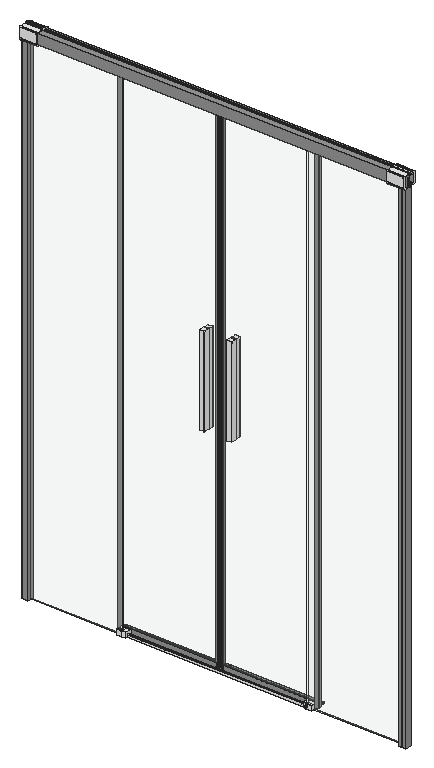
Revit family "Sanitary_Shower-screens_Duscholux_D1ModeOne_Slider-twin-doors-shower", category Aparatos sanitarios, Revit 2019
Family settings
  Cota de conector redondo = Diámetro de uso
  Tipo de pieza = Normal
  Número OmniClass = 23.45.00.00
  Título OmniClass = Sanitary, Laundry, and Cleaning Equipment
  Se basa en plano de trabajo = No
  Siempre vertical = Sí
  Corte con vacíos al cargar = No
  Compartido = No
  Punto de cálculo de habitación = No
Parameters (values of type "Platinum Aluminium Finish")
  Width = 1500 mm
  Uniclass 2015 Description = "Shower Enclosures"
  Uniclass 2015 Code = "PR-40-20-06-79"
  URL = "http://www.duscholux.es/"
  UNSPSC Code = "30181507"
  Thickness Safety Glass Sliding = 6 mm  # constant formula
  Thickness Safety Glass Fixed Panel = 6 mm  # constant formula
  Technical Inspection Certificate (Applus) = "http://www.duscholux.es/resources/custom/var/APPLUS_en.pdf"
  Sliding Door Width = (Min Max Width / 4) + 5.6 mm  # 380.6 mm
  Series = "D1 Mode One"
  Region South America = "Consult"
  Region Oceania = "Consult"
  Region North America = "Consult"
  Region Middle East = "Consult"
  Region Europe = "AD, ES, FR, PT"
  Region Asia = "Consult"
  Region Antartica = "Consult"
  Region Africa = "Consult"
  Ref. = "KMB"
  Products = "http://www.duscholux.es/mamparas_filtro.aspx?es"
  Product group = "Front for shower"
  Product family = "D1 Mode One"
  Optional = ""
  Opening System Image = "http://blob.duscholux.es/pluma512/FD2f2pcorredera.gif"
  Opening System = "Sliding"
  Opening Percentage = 0
  Opening Door = ((Min Max Width / 4) - 110 mm) * Opening Percentage / 100  # 0 mm
  Net Weight (Kg) = 63
  NBS Reference Description = "Shower Enclosures"
  NBS Reference Code = "45-35-70"
  Model = ""
  Min Max Width = if(Width < 1451 mm, 1451 mm, if(Width > 2000 mm, 2000 mm, Width))  # 1500 mm
  Max Height = if(Height > 2000 mm, 2000 mm, Height)  # 2000 mm
  Manufacturer name = "Duscholux Ibérica, S.A."
  Manufacturer country = "Spain / Germany"
  Maintenance and Cleaning = "http://www.duscholux.es/mamparas_limpieza.aspx?en"
  Image = "https://www.duscholux.es/resources/custom/img/mamparas/D1%20MODE%20ONE24/modelos/2F2PFDC/mampara_h.jpg"
  IFC Classification = "Furnishing Element"
  Height = 2000 mm
  Handle Material = Chrome_Finish
  Handle Height = Max Height / 2  # 1000 mm
  Glass in Building UNE EN 12150 = "CE Conformity marking"
  Glass Material = Glass_Material-Duscholux
  Frame Material = Platinum Aluminium Finish
  Fact sheet = "https://www.duscholux.es/mampara1.aspx?224"
  Fabricante = "Duscholux Ibérica, S.A."
  Environmental Management ISO 14001 = "ECOEMBES Certificate"
  Edition number = "1"
  Design country = "Germany"
  Descripción = "2 fixed segments + slider twin doors"
  Date of publishing = ""
  Código de montaje = "C1030200"
  Configuration enclosure = "https://configuratumampara.duscholux.es/modeone.detalleproducto.aspx?359,"
  Components = "Eropean components"
  Type Comments = ""
  Combinations = ""
  Certified Quality UNE EN 14428 = "http://www.duscholux.es/duscholux_downloads.aspx?es"
  COBIe Type Category = ""
  Brand = "Duscholux"
  Anti-Lime Treatment = "FeelNet 3D Included"
  Accesories Material = Chrome_Finish
Types (3, lengths in mm): name | Series | Handle Material | Frame Material | Accesories Material
  (no name) | "D1 Mode One" | Chrome_Finish | Platinum Aluminium Finish | Chrome_Finish
  Platinum Aluminium Finish | "D1 Mode One" | Chrome_Finish | Platinum Aluminium Finish | Chrome_Finish
  Black Aluminium Finish | "D1 Mode One24" | Anodized Aluminium_Duscholux Material-Black Finish | Anodized Aluminium_Duscholux Material-Black Finish | Anodized Aluminium_Duscholux Material-Black Finish
Reference planes
  plane 1 "Centro (Frontal/Posterior)": y = 0
  plane 2: z = 0
  plane 3 "Centro (Izquierda/Derecha)": x = 0
  plane 4: y = 3
  plane 5: y = -3
  plane 6: z = 1959.85
  plane 7: z = 2000
  plane 8: x = 375
  plane 9: x = 9
  plane 10: z = 1985
  plane 11: y = 23.487
  plane 12: z = 1000
  plane 13: x = 389
  plane 14: x = 361
  plane 15: x = 750
  plane 16: x = 1500
  plane 17: x = 1125
  plane 18: x = 1139
  plane 19: x = 1111
  plane 20: y = 23.487
  plane 21: x = 758.4
  plane 22: x = 741.6
Forms (mm)
  Extrusion 1, solid, material "Platinum Aluminium Finish" <- "Frame Material"
    sketch origin (0, 0, 0) x (1, 0, 0) y (0, 1, 0)
      loop
        line (0, -9.5) -> (26.5, -9.5) -> (26.5, -3.3) -> (15.85, -3.3) -> (15.85, -8) -> (1.5, -8) -> (1.5, 0) -> (1.5, 12.2) -> (15.85, 12.2) -> (15.85, 3.3) -> (26.5, 3.3) -> (26.5, 13.7) -> (0, 13.7) -> (0, -9.5)
    from 0 to 1959.85
  Extrusion 2, solid, material "Platinum Aluminium Finish" <- "Frame Material"
    sketch origin (0, 0, 0) x (0, 1, 0) y (0, 0, 1)
      loop
        arc (33.069, 1997) -> (32.191, 1999.121) -> (30.069, 2000) r 3
        line (30.069, 2000) -> (21.519, 2000) -> (21.519, 1997.261) -> (11.519, 1997.261) -> (11.519, 2000) -> (-15, 2000) -> (-15, 1959.85) -> (-5.5, 1959.85) -> (-5.5, 1994) -> (0, 1994) -> (5.5, 1994) -> (5.5, 1959.85) -> (18.5, 1959.85) -> (18.5, 1963.85) -> (8.5, 1963.85) -> (8.5, 1995.261) -> (23.519, 1995.261) -> (23.519, 1998.011) -> (31.069, 1998.011) -> (31.069, 1961.861) -> (29.669, 1961.861) -> (29.669, 1959.861) -> (33.069, 1959.861) -> (33.069, 1997)
      loop
        line (-12, 1991.05) -> (-12, 1963.879) -> (-8.5, 1963.879) -> (-8.5, 1991.05) -> (-12, 1991.05)
    from 0 to 1500
  Extrusion 3, solid, material "Glass_Material-Duscholux" <- "Glass Material"
    sketch origin (0, 0, 0) x (1, 0, 0) y (0, 1, 0)
      loop
        line (9, 3) -> (9, -3) -> (389, -3) -> (389, 3) -> (9, 3)
    from 2 to 1985
  Extrusion 4, solid, material "Chrome_Finish" <- "Accesories Material", detail levels fine
    sketch origin (-44.392, 49.436, 0) x (1, 0, 0) y (0, 1, 0)
      loop
        line (413.392, -56.436) -> (435.392, -56.436) -> (448.392, -52.436) -> (448.392, -18.436) -> (413.392, -18.436) -> (413.392, -56.436)
    from 0 to 18
  Extrusion 5, void
    sketch origin (0, 0, 0) x (1, 0, 0) y (0, 1, 0)
      loop
        line (369, 3) -> (369, -3) -> (389, -3) -> (389, 3) -> (369, 3)
    from 2 to 18
  Extrusion 6, void
    sketch origin (0, 0, 0) x (1, 0, 0) y (0, 1, 0)
      loop
        line (369, 27.487) -> (369, 19.487) -> (404, 19.487) -> (404, 27.487) -> (369, 27.487)
    from 2 to 18
  Extrusion 7, solid, material "Glass_Material-Duscholux" <- "Glass Material"
    sketch origin (41.512, 0, 0) x (1, 0, 0) y (0, 1, 0)
      loop
        line (700.088, 25.987) -> (319.488, 25.987) -> (319.488, 19.987) -> (700.088, 19.987) -> (700.088, 25.987)
    from 3.238 to 1985
  Extrusion 8, solid, material "Chrome_Finish" <- "Accesories Material", detail levels fine
    sketch origin (0, 0, 0) x (0, 1, 0) y (0, 0, 1)
      loop
        line (11.519, 2005.435) -> (11.519, 2002.011) -> (-14, 2002.011)
        arc (-14, 2002.011) -> (-16.121, 2001.132) -> (-17, 1999.011) r 3
        line (-17, 1999.011) -> (-17, 1960.85)
        arc (-17, 1960.85) -> (-15.86, 1958.466) -> (-13.288, 1957.857) r 3.062
        line (-13.288, 1957.857) -> (-13.288, 1953.858) -> (-9.5, 1953.858) -> (-9.5, 1959.85) -> (-15, 1959.85) -> (-15, 2000) -> (30.069, 2000)
        arc (30.069, 2000) -> (32.191, 1999.121) -> (33.069, 1997) r 3
        line (33.069, 1997) -> (33.069, 1959.85) -> (14.7, 1959.85) -> (14.7, 1953.858) -> (18.488, 1953.858) -> (18.488, 1957.85) -> (32.069, 1957.85)
        arc (32.069, 1957.85) -> (34.191, 1958.729) -> (35.069, 1960.85) r 3
        line (35.069, 1960.85) -> (35.069, 1997.011)
        arc (35.069, 1997.011) -> (33.605, 2000.546) -> (30.069, 2002.011) r 5
        line (30.069, 2002.011) -> (21.49, 2002.011)
        arc (21.49, 2002.011) -> (20.786, 2004.401) -> (18.52, 2005.435) r 3
        line (18.52, 2005.435) -> (11.519, 2005.435)
    from 0 to 66.315
  Extrusion 9, solid, material "Plástico, transparente", detail levels fine
    sketch origin (0, 0, 0) x (0, 1, 0) y (0, 0, 1)
      loop
        line (19.487, 2) -> (27.487, 2) -> (27.487, 16.402) -> (48.009, 6.392) -> (48.009, 2.694)
        arc (48.009, 2.694) -> (48.748, 2.277) -> (49.487, 2.694) r 0.863
        line (49.487, 2.694) -> (49.487, 8.123) -> (26.761, 19.208)
        arc (26.761, 19.208) -> (26.201, 19.157) -> (25.987, 18.638) r 0.542
        line (25.987, 18.638) -> (26.237, 17.705) -> (26.237, 3.238) -> (20.737, 3.238) -> (20.737, 19.324) -> (19.487, 19.324) -> (19.487, 2)
    from 366 to 741.6
  Extrusion 10, void
    sketch origin (0, 0, 0) x (0, 1, 0) y (0, 0, 1)
      loop
        line (31, 14.688) -> (31, 18) -> (27.487, 18) -> (27.487, 16.402) -> (31, 14.688)
    from 369 to 404
  Extrusion 11, solid, material "Chrome_Finish" <- "Accesories Material", detail levels fine
    sketch origin (0, -88.4, 0) x (0, 1, 0) y (0, 0, 1)
      loop
        line (87, 0) -> (95, 0) -> (95, 7.55)
        arc (95, 7.55) -> (94.282, 9.282) -> (92.55, 10) r 2.45
        line (92.55, 10) -> (90, 10) -> (88.45, 10)
        arc (88.45, 10) -> (87.425, 9.575) -> (87, 8.55) r 1.45
        line (87, 8.55) -> (87, 0)
    from 404 to 1096
  Extrusion 12, solid, material "Plástico, transparente", detail levels fine
    sketch origin (-2.798, 0, 0) x (1, 0, 0) y (0, 1, 0)
      loop
        line (368.798, 26.237) -> (368.798, 27.487) -> (362.498, 27.487) -> (362.498, 19.487) -> (367.798, 19.487) -> (367.798, 4.757) -> (368.798, 4.757) -> (368.798, 20.757) -> (363.798, 20.757) -> (363.798, 26.237) -> (368.798, 26.237)
    from 2 to 1985
  Extrusion 13, solid, material "Platinum Aluminium Finish" <- "Frame Material"
    sketch origin (2800, 0, 0) x (-1, 0, 0) y (0, -1, 0)
      loop
        line (1300, 9.5) -> (1300, -13.7) -> (1326.5, -13.7) -> (1326.5, -3.3) -> (1315.85, -3.3) -> (1315.85, -12.2) -> (1301.5, -12.2) -> (1301.5, 0) -> (1301.5, 8) -> (1315.85, 8) -> (1315.85, 3.3) -> (1326.5, 3.3) -> (1326.5, 9.5) -> (1300, 9.5)
    from 0 to 1953.858
  Extrusion 14, solid, material "Chrome_Finish" <- "Accesories Material", detail levels fine
    sketch origin (1994, 0, 0) x (0, 1, 0) y (0, 0, -1)
      loop
        line (11.519, -2005.435) -> (18.52, -2005.435)
        arc (18.52, -2005.435) -> (20.786, -2004.401) -> (21.49, -2002.011) r 3
        line (21.49, -2002.011) -> (30.069, -2002.011)
        arc (30.069, -2002.011) -> (33.605, -2000.546) -> (35.069, -1997.011) r 5
        line (35.069, -1997.011) -> (35.069, -1960.85)
        arc (35.069, -1960.85) -> (34.191, -1958.729) -> (32.069, -1957.85) r 3
        line (32.069, -1957.85) -> (18.488, -1957.85) -> (18.488, -1953.858) -> (14.7, -1953.858) -> (14.7, -1959.85) -> (33.069, -1959.85) -> (33.069, -1997)
        arc (33.069, -1997) -> (32.191, -1999.121) -> (30.069, -2000) r 3
        line (30.069, -2000) -> (-15, -2000) -> (-15, -1959.85) -> (-9.5, -1959.85) -> (-9.5, -1953.858) -> (-13.288, -1953.858) -> (-13.288, -1957.857)
        arc (-13.288, -1957.857) -> (-15.86, -1958.466) -> (-17, -1960.85) r 3.062
        line (-17, -1960.85) -> (-17, -1999.011)
        arc (-17, -1999.011) -> (-16.121, -2001.132) -> (-14, -2002.011) r 3
        line (-14, -2002.011) -> (11.519, -2002.011) -> (11.519, -2005.435)
    from 494 to 560
  Extrusion 15, solid, material "Glass_Material-Duscholux" <- "Glass Material"
    sketch origin (2800, 0, 0) x (-1, 0, 0) y (0, -1, 0)
      loop
        line (1309, -3) -> (1689, -3) -> (1689, 3) -> (1309, 3) -> (1309, -3)
    from 2 to 1985
  Extrusion 16, solid, material "Chrome_Finish" <- "Accesories Material", detail levels fine
    sketch origin (2844.392, 49.436, 0) x (-1, 0, 0) y (0, -1, 0)
      loop
        line (1713.392, 56.436) -> (1713.392, 18.436) -> (1748.392, 18.436) -> (1748.392, 52.436) -> (1735.392, 56.436) -> (1713.392, 56.436)
    from 0 to 18
  Extrusion 17, void
    sketch origin (2800, 0, 0) x (-1, 0, 0) y (0, -1, 0)
      loop
        line (1669, -3) -> (1689, -3) -> (1689, 3) -> (1669, 3) -> (1669, -3)
    from 2 to 18
  Extrusion 18, void
    sketch origin (2800, 0, 0) x (-1, 0, 0) y (0, -1, 0)
      loop
        line (1669, -27.487) -> (1704, -27.487) -> (1704, -19.487) -> (1669, -19.487) -> (1669, -27.487)
    from 2 to 18
  Extrusion 19, void
    sketch origin (2800, 0, 0) x (0, 1, 0) y (0, 0, -1)
      loop
        line (31, -14.688) -> (27.487, -16.402) -> (27.487, -18) -> (31, -18) -> (31, -14.688)
    from 694 to 1704
  Extrusion 20, solid, material "Plástico, transparente", detail levels fine
    sketch origin (2802.798, 0, 0) x (-1, 0, 0) y (0, -1, 0)
      loop
        line (1668.798, -26.237) -> (1663.798, -26.237) -> (1663.798, -20.757) -> (1668.798, -20.757) -> (1668.798, -4.757) -> (1667.798, -4.757) -> (1667.798, -19.487) -> (1662.498, -19.487) -> (1662.498, -27.487) -> (1668.798, -27.487) -> (1668.798, -26.237)
    from 2 to 1985
  Extrusion 21, solid, material "Glass_Material-Duscholux" <- "Glass Material"
    sketch origin (2717.039, 0, 0) x (-1, 0, 0) y (0, -1, 0)
      loop
        line (1958.639, -25.987) -> (1958.639, -19.987) -> (1578.039, -19.987) -> (1578.039, -25.987) -> (1958.639, -25.987)
    from 3.238 to 1985
  Extrusion 22, solid, material "Plástico, transparente", detail levels fine
    sketch origin (2800, 0, 0) x (0, 1, 0) y (0, 0, -1)
      loop
        line (19.487, -2) -> (19.487, -19.324) -> (20.737, -19.324) -> (20.737, -3.238) -> (26.237, -3.238) -> (26.237, -17.705) -> (25.987, -18.638)
        arc (25.987, -18.638) -> (26.201, -19.157) -> (26.761, -19.208) r 0.542
        line (26.761, -19.208) -> (49.487, -8.123) -> (49.487, -2.694)
        arc (49.487, -2.694) -> (48.748, -2.277) -> (48.009, -2.694) r 0.863
        line (48.009, -2.694) -> (48.009, -6.392) -> (27.487, -16.402) -> (27.487, -2) -> (19.487, -2)
    from 1666 to 2041.6
  Extrusion 23, solid, material "Platinum Aluminium Finish" <- "Frame Material"
    sketch origin (1500, 0, 0) x (0, 1, 0) y (0, 0, -1)
      loop
        line (33.069, -1997) -> (33.069, -1959.861) -> (29.669, -1959.861) -> (29.669, -1961.861) -> (31.069, -1961.861) -> (31.069, -1998.011) -> (23.519, -1998.011) -> (23.519, -1995.261) -> (8.5, -1995.261) -> (8.5, -1963.85) -> (18.5, -1963.85) -> (18.5, -1959.85) -> (5.5, -1959.85) -> (5.5, -1994) -> (0, -1994) -> (-5.5, -1994) -> (-5.5, -1959.85) -> (-15, -1959.85) -> (-15, -2000) -> (11.519, -2000) -> (11.519, -1997.261) -> (21.519, -1997.261) -> (21.519, -2000) -> (30.069, -2000)
        arc (30.069, -2000) -> (32.191, -1999.121) -> (33.069, -1997) r 3
      loop
        line (-12, -1991.05) -> (-8.5, -1991.05) -> (-8.5, -1963.879) -> (-12, -1963.879) -> (-12, -1991.05)
    from 0 to 1500
  Extrusion 24, solid, material "Platinum Aluminium Finish" <- "Frame Material"
    sketch origin (1548.077, 62.453, 0) x (-1, 0, 0) y (0, -1, 0)
      loop
        arc (789.049, 34.94) -> (792.515, 32.765) -> (796.608, 32.734) r 7.498
        arc (796.608, 32.734) -> (797.668, 33.45) -> (798.077, 34.662) r 2
        line (798.077, 34.662) -> (798.077, 38.966) -> (798.077, 43.268)
        arc (798.077, 43.268) -> (797.668, 44.48) -> (796.608, 45.197) r 2
        arc (796.608, 45.197) -> (792.515, 45.166) -> (789.049, 42.99) r 7.498
        line (789.049, 42.99) -> (785.077, 42.463)
        arc (785.077, 42.463) -> (784.647, 41.901) -> (785.208, 41.471) r 0.5
        line (785.208, 41.471) -> (789.677, 42.065) -> (789.677, 38.965) -> (789.677, 35.866) -> (785.208, 36.459)
        arc (785.208, 36.459) -> (784.647, 36.03) -> (785.077, 35.468) r 0.5
        line (785.077, 35.468) -> (789.049, 34.94)
    from 3.238 to 1985
  Extrusion 25, solid, material "Platinum Aluminium Finish" <- "Frame Material"
    sketch origin (-28.077, 62.453, 0) x (1, 0, 0) y (0, 1, 0)
      loop
        line (769.049, -34.94) -> (765.077, -35.468)
        arc (765.077, -35.468) -> (764.647, -36.03) -> (765.208, -36.459) r 0.5
        line (765.208, -36.459) -> (769.677, -35.866) -> (769.677, -38.965) -> (769.677, -42.065) -> (765.208, -41.471)
        arc (765.208, -41.471) -> (764.647, -41.901) -> (765.077, -42.463) r 0.5
        line (765.077, -42.463) -> (769.049, -42.99)
        arc (769.049, -42.99) -> (772.515, -45.166) -> (776.608, -45.197) r 7.498
        arc (776.608, -45.197) -> (777.668, -44.48) -> (778.077, -43.268) r 2
        line (778.077, -43.268) -> (778.077, -38.966) -> (778.077, -34.662)
        arc (778.077, -34.662) -> (777.668, -33.45) -> (776.608, -32.734) r 2
        arc (776.608, -32.734) -> (772.515, -32.765) -> (769.049, -34.94) r 7.498
    from 3.238 to 1985
Cuts and joins
  Extrusion 5, Extrusion 17 cuts Extrusion 3
  Extrusion 5, Extrusion 6, Extrusion 10, Extrusion 17, Extrusion 18, Extrusion 19 cuts Extrusion 4
  Extrusion 17, Extrusion 18, Extrusion 19 cuts Extrusion 16
  Extrusion 18 cuts Extrusion 7
  Extrusion 18 cuts Extrusion 9
Dimensions and locks
  equal spacing: plane 4, plane 1 "Centro (Frontal/Posterior)", plane 5
  "Thickness Safety Glass Fixed Panel": plane 4 to plane 5
  locked: plane 7 to plane 6 at 40.15
  locked: plane 7 to plane 10 at 15
  locked: Extrusion 8 to plane 3 "Centro (Izquierda/Derecha)" at 66.315
  "Handle Height": plane 12 to level
  locked: plane 8 to plane 13 at 14
  locked: plane 8 to cut or joined group of Extrusion 4, Extrusion 5, Extrusion 6, Extrusion 10, Extrusion 17, Extrusion 18, Extrusion 19 at 29
  locked: cut or joined group of Extrusion 4, Extrusion 5, Extrusion 6, Extrusion 10, Extrusion 17, Extrusion 18, Extrusion 19 to plane 8 at 6
  locked: Extrusion 7 to Extrusion 9 at 5
  locked: Extrusion 12 to Extrusion 12 at 1.3
  locked: Extrusion 12 to Extrusion 12 at 1
  locked: Extrusion 12 to Extrusion 12 at 6.3
  equal spacing: plane 3 "Centro (Izquierda/Derecha)", plane 8, plane 15, plane 17, plane 16
  locked: Extrusion 20 to Extrusion 20 at 1.3
  locked: Extrusion 20 to Extrusion 20 at 1
  locked: Extrusion 20 to Extrusion 20 at 6.3
  locked: cut or joined group of Extrusion 16, Extrusion 17, Extrusion 18, Extrusion 19 to plane 17 at 29
  locked: plane 17 to cut or joined group of Extrusion 16, Extrusion 17, Extrusion 18, Extrusion 19 at 6
  locked: plane 14 to plane 8 at 14
  locked: plane 17 to plane 18 at 14
  locked: plane 19 to plane 17 at 14
  "Sliding Door Width": Extrusion 21 to Extrusion 21
  "Sliding Door Width": cut or joined group of Extrusion 7, Extrusion 18 to cut or joined group of Extrusion 7, Extrusion 18
  Extrusion 14 to Extrusion 14 = 66 mm
  locked: Extrusion 14 to plane 16 at 66
  locked: plane 15 to plane 21 at 8.4
  locked: plane 22 to plane 15 at 8.4
  "Opening Door": cut or joined group of Extrusion 7, Extrusion 18 to plane 22
  "Opening Door": plane 21 to Extrusion 21
  "Thickness Safety Glass Sliding": Extrusion 21 to Extrusion 21
  "Thickness Safety Glass Sliding": cut or joined group of Extrusion 7, Extrusion 18 to cut or joined group of Extrusion 7, Extrusion 18
  "Max Height": plane 7 to plane 2
  "Min Max Width": plane 3 "Centro (Izquierda/Derecha)" to plane 16
  locked: nested 4 to cut or joined group of Extrusion 7, Extrusion 18 at 45
  locked: nested 1 to cut or joined group of Extrusion 7, Extrusion 18 at 45
  locked: Extrusion 21 to nested 3 at 45
  locked: Extrusion 21 to nested 2 at 45
  aligned and locked: level to plane 2
  aligned and locked: plane 7 to Extrusion 2
  aligned and locked: Extrusion 2 to plane 6
  aligned and locked: Extrusion 1 to Extrusion 2
  aligned and locked: Extrusion 3 sketch curve to plane 4
  aligned and locked: plane 9 to Extrusion 3 sketch curve
  aligned and locked: plane 5 to Extrusion 3 sketch curve
  aligned and locked: plane 10 to Extrusion 3
  aligned and locked: Extrusion 5 sketch curve to Extrusion 4
  aligned and locked: Extrusion 5 sketch curve to Extrusion 3
  aligned and locked: cut or joined group of Extrusion 4, Extrusion 5, Extrusion 6, Extrusion 10, Extrusion 17, Extrusion 18, Extrusion 19 to Extrusion 5
  aligned and locked: Extrusion 6 sketch curve to cut or joined group of Extrusion 4, Extrusion 5, Extrusion 6, Extrusion 10, Extrusion 17, Extrusion 18, Extrusion 19  (x2)
  aligned and locked: Extrusion 6 to cut or joined group of Extrusion 3, Extrusion 5, Extrusion 17
  aligned and locked: Extrusion 10 to cut or joined group of Extrusion 4, Extrusion 5, Extrusion 6, Extrusion 10, Extrusion 17, Extrusion 18, Extrusion 19
  aligned and locked: cut or joined group of Extrusion 4, Extrusion 5, Extrusion 6, Extrusion 10, Extrusion 17, Extrusion 18, Extrusion 19 to Extrusion 10
  aligned and locked: Extrusion 11 to cut or joined group of Extrusion 4, Extrusion 5, Extrusion 6, Extrusion 10, Extrusion 17, Extrusion 18, Extrusion 19
  aligned and locked: plane 13 to cut or joined group of Extrusion 3, Extrusion 5, Extrusion 17
  aligned and locked: Extrusion 9 to Extrusion 12
  aligned and locked: Extrusion 9 to Extrusion 7
  aligned and locked: Extrusion 12 to Extrusion 12
  aligned and locked: Extrusion 12 to Extrusion 7  (x2)
  aligned and locked: plane 10 to Extrusion 7
  aligned and locked: Extrusion 16 to Extrusion 17 sketch curve
  aligned and locked: Extrusion 20 to Extrusion 20
  aligned and locked: Extrusion 11 to cut or joined group of Extrusion 16, Extrusion 17, Extrusion 18, Extrusion 19
  aligned and locked: Extrusion 2 to plane 16
  aligned and locked: Extrusion 22 to Extrusion 21
  aligned and locked: Extrusion 20 to Extrusion 21  (x2)
  aligned and locked: Extrusion 22 to Extrusion 20
  aligned and locked: Extrusion 14 to plane 16
  aligned and locked: plane 10 to Extrusion 15
  aligned and locked: Extrusion 13 to Extrusion 14
  aligned and locked: plane 10 to Extrusion 21
  aligned and locked: Extrusion 19 to cut or joined group of Extrusion 16, Extrusion 17, Extrusion 18, Extrusion 19
  aligned and locked: Extrusion 24 to Extrusion 21  (x2)
  aligned and locked: Extrusion 24 to Extrusion 22
  aligned and locked: Extrusion 25 to cut or joined group of Extrusion 7, Extrusion 18
  aligned and locked: cut or joined group of Extrusion 7, Extrusion 18 to Extrusion 25
  aligned and locked: Extrusion 23 to plane 16
  aligned and locked: nested 1 to plane 12
  aligned and locked: nested 4 to plane 12
  aligned and locked: plane 12 to nested 2
  aligned and locked: plane 12 to nested 3
Automatic sketch dimensions
  Extrusion 1 sketch curve to plane 3 "Centro (Izquierda/Derecha)" = 0 mm
  plane 1 "Centro (Frontal/Posterior)" to Extrusion 1 sketch curve = 0 mm
  Extrusion 1 sketch curve to plane 3 "Centro (Izquierda/Derecha)" = 1.5 mm
  Extrusion 1 sketch curve to plane 9 = 6.85 mm  (x2)
  Extrusion 1 sketch curve to Extrusion 1 sketch curve = 10.65 mm
  plane 5 to Extrusion 1 sketch curve = 0.3 mm
  Extrusion 1 sketch curve to Extrusion 1 sketch curve = 0 mm
  Extrusion 1 sketch curve to plane 4 = 0.3 mm
  Extrusion 1 sketch curve to Extrusion 1 sketch curve = 8.9 mm
  Extrusion 1 sketch curve to Extrusion 1 sketch curve = 1.5 mm  (x2)
  plane 5 to Extrusion 1 sketch curve = 5 mm
  Extrusion 2 sketch curve to plane 6 = 0 mm  (x2)
  Extrusion 2 sketch curve to plane 7 = 0 mm  (x2)
  Extrusion 2 sketch curve to plane 1 "Centro (Frontal/Posterior)" = 0 mm
  Extrusion 2 sketch curve to plane 5 = 2.5 mm
  Extrusion 2 sketch curve to Extrusion 2 sketch curve = 3 mm  (x3)
  Extrusion 2 sketch curve to Extrusion 2 sketch curve = 3.5 mm
  plane 4 to Extrusion 2 sketch curve = 2.5 mm
  Extrusion 2 sketch curve to Extrusion 2 sketch curve = 3.019 mm
  plane 11 to Extrusion 2 sketch curve = 4.987 mm
  plane 11 to Extrusion 2 sketch curve = 1.968 mm
  Extrusion 2 sketch curve to plane 11 = 0.032 mm
  plane 6 to Extrusion 2 sketch curve = 0.011 mm
  Extrusion 2 sketch curve to plane 11 = 6.182 mm
  Extrusion 2 sketch curve to plane 11 = 6.582 mm
  Extrusion 2 sketch curve to Extrusion 2 sketch curve = 1.4 mm
  Extrusion 2 sketch curve to Extrusion 2 sketch curve = 2 mm  (x2)
  plane 6 to Extrusion 2 sketch curve = 4 mm
  plane 6 to Extrusion 2 sketch curve = 4.029 mm
  plane 10 to Extrusion 2 sketch curve = 6.05 mm
  Extrusion 2 sketch curve to plane 7 = 6 mm
  Extrusion 2 sketch curve to plane 7 = 4.739 mm
  Extrusion 2 sketch curve to Extrusion 2 sketch curve = 2.739 mm
  Extrusion 2 sketch curve to plane 7 = 1.989 mm
  Extrusion 3 sketch curve to plane 13 = 0 mm
  Extrusion 4 sketch curve to plane 5 = 0 mm
  Extrusion 4 sketch curve to plane 8 = 6 mm
  plane 13 to Extrusion 4 sketch curve = 2 mm
  plane 13 to Extrusion 4 sketch curve = 15 mm
  Extrusion 4 sketch curve to plane 5 = 4 mm
  Extrusion 4 sketch curve to plane 11 = 7.513 mm
  Extrusion 5 sketch curve to plane 5 = 0 mm
  Extrusion 5 sketch curve to plane 4 = 0 mm
  plane 11 to Extrusion 6 sketch curve = 4 mm
  Extrusion 6 sketch curve to plane 11 = 4 mm
  Extrusion 7 sketch curve to plane 11 = 2.5 mm
  Extrusion 7 sketch curve to plane 14 = 0 mm
  plane 11 to Extrusion 7 sketch curve = 3.5 mm
  Extrusion 7 sketch curve to plane 22 = 0 mm
  Extrusion 8 sketch curve to plane 6 = 0 mm  (x2)
  Extrusion 8 sketch curve to plane 7 = 0 mm
  Extrusion 8 sketch curve to plane 7 = 0.989 mm
  Extrusion 8 sketch curve to plane 5 = 14 mm
  Extrusion 8 sketch curve to Extrusion 8 sketch curve = 2 mm
  plane 7 to Extrusion 8 sketch curve = 2.011 mm  (x2)
  Extrusion 8 sketch curve to Extrusion 8 sketch curve = 1.062 mm
  Extrusion 8 sketch curve to Extrusion 8 sketch curve = 1.712 mm
  Extrusion 8 sketch curve to Extrusion 8 sketch curve = 3.788 mm  (x2)
  plane 4 to Extrusion 8 sketch curve = 8.519 mm
  plane 11 to Extrusion 8 sketch curve = 8.787 mm
  plane 11 to Extrusion 8 sketch curve = 4.967 mm
  plane 11 to Extrusion 8 sketch curve = 1.998 mm
  Extrusion 8 sketch curve to plane 11 = 6.582 mm
  Extrusion 8 sketch curve to Extrusion 8 sketch curve = 0 mm
  Extrusion 8 sketch curve to plane 6 = 2 mm
  Extrusion 8 sketch curve to plane 11 = 8.582 mm
  Extrusion 8 sketch curve to Extrusion 8 sketch curve = 1 mm
  plane 6 to Extrusion 8 sketch curve = 1 mm
  Extrusion 8 sketch curve to plane 6 = 5.992 mm
  Extrusion 8 sketch curve to Extrusion 8 sketch curve = 3.992 mm
  Extrusion 8 sketch curve to plane 6 = 1.993 mm
  plane 7 to Extrusion 8 sketch curve = 2.435 mm
  level to Extrusion 9 sketch curve = 2 mm
  plane 11 to Extrusion 9 sketch curve = 4 mm
  Extrusion 9 sketch curve to Extrusion 9 sketch curve = 1.25 mm  (x2)
  Extrusion 9 sketch curve to plane 11 = 2.5 mm
  Extrusion 9 sketch curve to Extrusion 9 sketch curve = 0.25 mm
  Extrusion 9 sketch curve to Extrusion 9 sketch curve = 0.536 mm
  Extrusion 9 sketch curve to Extrusion 9 sketch curve = 0.238 mm
  level to Extrusion 9 sketch curve = 6.392 mm
  Extrusion 9 sketch curve to Extrusion 9 sketch curve = 20.522 mm
  Extrusion 9 sketch curve to Extrusion 9 sketch curve = 0.739 mm
  Extrusion 9 sketch curve to Extrusion 9 sketch curve = 1.478 mm
  level to Extrusion 9 sketch curve = 2.694 mm
  Extrusion 9 sketch curve to Extrusion 9 sketch curve = 0.446 mm
  Extrusion 9 sketch curve to Extrusion 9 sketch curve = 1.238 mm
  Extrusion 9 sketch curve to Extrusion 9 sketch curve = 1.731 mm
  Extrusion 9 sketch curve to Extrusion 9 sketch curve = 13.163 mm
  Extrusion 9 sketch curve to Extrusion 9 sketch curve = 1.303 mm
  Extrusion 9 sketch curve to Extrusion 9 sketch curve = 0.933 mm
  Extrusion 9 sketch curve to Extrusion 9 sketch curve = 0.083 mm
  Extrusion 9 sketch curve to Extrusion 9 sketch curve = 0.686 mm
  Extrusion 10 sketch curve to plane 11 = 4 mm
  Extrusion 10 sketch curve to Extrusion 10 sketch curve = 3.513 mm
  level to Extrusion 10 sketch curve = 14.688 mm
  Extrusion 10 sketch curve to Extrusion 10 sketch curve = 1.713 mm
  Extrusion 10 sketch curve to Extrusion 10 sketch curve = 1.598 mm
  Extrusion 11 sketch curve to level = 0 mm
  plane 5 to Extrusion 11 sketch curve = 1.6 mm
  Extrusion 11 sketch curve to plane 1 "Centro (Frontal/Posterior)" = 0.05 mm
  Extrusion 11 sketch curve to plane 4 = 1.4 mm
  plane 4 to Extrusion 11 sketch curve = 1.15 mm
  plane 4 to Extrusion 11 sketch curve = 3.6 mm
  Extrusion 11 sketch curve to Extrusion 11 sketch curve = 7.55 mm
  plane 11 to Extrusion 12 sketch curve = 4 mm
  Extrusion 12 sketch curve to plane 14 = 1.3 mm
  Extrusion 12 sketch curve to Extrusion 12 sketch curve = 1.3 mm
  plane 4 to Extrusion 12 sketch curve = 1.757 mm
  Extrusion 12 sketch curve to Extrusion 12 sketch curve = 5.3 mm
  Extrusion 12 sketch curve to Extrusion 12 sketch curve = 5 mm
  Extrusion 12 sketch curve to Extrusion 12 sketch curve = 1 mm
  Extrusion 12 sketch curve to Extrusion 12 sketch curve = 1.27 mm
  Extrusion 12 sketch curve to plane 11 = 2.75 mm
  Extrusion 12 sketch curve to Extrusion 12 sketch curve = 1.25 mm
  Extrusion 13 sketch curve to plane 16 = 0 mm
  plane 1 "Centro (Frontal/Posterior)" to Extrusion 13 sketch curve = 0 mm
  plane 16 to Extrusion 13 sketch curve = 1.5 mm
  Extrusion 13 sketch curve to plane 5 = 5 mm
  Extrusion 13 sketch curve to Extrusion 13 sketch curve = 14.35 mm  (x2)
  Extrusion 13 sketch curve to Extrusion 13 sketch curve = 10.65 mm
  Extrusion 13 sketch curve to plane 5 = 0.3 mm
  Extrusion 13 sketch curve to Extrusion 13 sketch curve = 0 mm
  plane 4 to Extrusion 13 sketch curve = 0.3 mm
  Extrusion 13 sketch curve to Extrusion 13 sketch curve = 8.9 mm
  Extrusion 13 sketch curve to Extrusion 13 sketch curve = 1.5 mm  (x2)
  Extrusion 14 sketch curve to plane 6 = 0 mm  (x2)
  Extrusion 14 sketch curve to plane 7 = 0 mm
  Extrusion 14 sketch curve to plane 7 = 0.989 mm
  Extrusion 14 sketch curve to plane 5 = 14 mm
  Extrusion 14 sketch curve to Extrusion 14 sketch curve = 2 mm
  plane 7 to Extrusion 14 sketch curve = 2.011 mm  (x2)
  Extrusion 14 sketch curve to Extrusion 14 sketch curve = 1.062 mm
  Extrusion 14 sketch curve to Extrusion 14 sketch curve = 1.712 mm
  Extrusion 14 sketch curve to Extrusion 14 sketch curve = 3.788 mm  (x2)
  plane 4 to Extrusion 14 sketch curve = 8.519 mm
  plane 11 to Extrusion 14 sketch curve = 8.787 mm
  plane 11 to Extrusion 14 sketch curve = 4.967 mm
  plane 11 to Extrusion 14 sketch curve = 1.998 mm
  Extrusion 14 sketch curve to plane 11 = 6.582 mm
  Extrusion 14 sketch curve to Extrusion 14 sketch curve = 0 mm
  Extrusion 14 sketch curve to plane 6 = 2 mm
  Extrusion 14 sketch curve to plane 11 = 8.582 mm
  Extrusion 14 sketch curve to Extrusion 14 sketch curve = 1 mm
  plane 6 to Extrusion 14 sketch curve = 1 mm  (x2)
  plane 7 to Extrusion 14 sketch curve = 2.435 mm
  Extrusion 14 sketch curve to Extrusion 14 sketch curve = 3.992 mm
  Extrusion 14 sketch curve to Extrusion 14 sketch curve = 3.999 mm
  plane 5 to Extrusion 15 sketch curve = 0 mm
  plane 4 to Extrusion 15 sketch curve = 0 mm
  Extrusion 15 sketch curve to plane 19 = 0 mm
  Extrusion 15 sketch curve to plane 16 = 9 mm
  plane 5 to Extrusion 16 sketch curve = 0 mm
  plane 17 to Extrusion 16 sketch curve = 6 mm
  Extrusion 16 sketch curve to plane 19 = 2 mm
  Extrusion 16 sketch curve to plane 19 = 15 mm
  plane 5 to Extrusion 16 sketch curve = 4 mm
  plane 11 to Extrusion 16 sketch curve = 7.513 mm
  plane 5 to Extrusion 17 sketch curve = 0 mm
  Extrusion 17 sketch curve to plane 19 = 0 mm
  plane 4 to Extrusion 17 sketch curve = 0 mm
  plane 17 to Extrusion 18 sketch curve = 6 mm
  Extrusion 18 sketch curve to plane 11 = 4 mm
  Extrusion 18 sketch curve to plane 19 = 15 mm
  plane 11 to Extrusion 18 sketch curve = 4 mm
  Extrusion 19 sketch curve to plane 11 = 4 mm
  Extrusion 19 sketch curve to Extrusion 19 sketch curve = 3.513 mm
  level to Extrusion 19 sketch curve = 18 mm
  Extrusion 19 sketch curve to Extrusion 19 sketch curve = 1.598 mm
  Extrusion 19 sketch curve to Extrusion 19 sketch curve = 3.312 mm
  Extrusion 20 sketch curve to plane 11 = 4 mm
  plane 18 to Extrusion 20 sketch curve = 1.3 mm
  Extrusion 20 sketch curve to Extrusion 20 sketch curve = 1.3 mm
  Extrusion 20 sketch curve to plane 4 = 1.757 mm
  Extrusion 20 sketch curve to Extrusion 20 sketch curve = 5.3 mm
  Extrusion 20 sketch curve to Extrusion 20 sketch curve = 5 mm
  Extrusion 20 sketch curve to Extrusion 20 sketch curve = 1 mm
  Extrusion 20 sketch curve to Extrusion 20 sketch curve = 1.27 mm
  plane 11 to Extrusion 20 sketch curve = 2.75 mm
  Extrusion 20 sketch curve to Extrusion 20 sketch curve = 1.25 mm
  plane 11 to Extrusion 21 sketch curve = 2.5 mm
  plane 18 to Extrusion 21 sketch curve = 0 mm
  Extrusion 21 sketch curve to plane 11 = 3.5 mm
  Extrusion 21 sketch curve to plane 21 = 0 mm
  level to Extrusion 22 sketch curve = 2 mm
  plane 11 to Extrusion 22 sketch curve = 4 mm
  Extrusion 22 sketch curve to Extrusion 22 sketch curve = 1.25 mm  (x2)
  Extrusion 22 sketch curve to plane 11 = 2.5 mm
  Extrusion 22 sketch curve to Extrusion 22 sketch curve = 0.25 mm
  Extrusion 22 sketch curve to Extrusion 22 sketch curve = 0.536 mm
  Extrusion 22 sketch curve to Extrusion 22 sketch curve = 0.238 mm
  level to Extrusion 22 sketch curve = 6.392 mm
  Extrusion 22 sketch curve to Extrusion 22 sketch curve = 20.522 mm
  Extrusion 22 sketch curve to Extrusion 22 sketch curve = 0.739 mm
  Extrusion 22 sketch curve to Extrusion 22 sketch curve = 1.478 mm
  Extrusion 22 sketch curve to Extrusion 22 sketch curve = 1.731 mm
  Extrusion 22 sketch curve to Extrusion 22 sketch curve = 14.402 mm
  Extrusion 22 sketch curve to Extrusion 22 sketch curve = 1.303 mm
  Extrusion 22 sketch curve to Extrusion 22 sketch curve = 0.933 mm
  Extrusion 22 sketch curve to Extrusion 22 sketch curve = 0.083 mm
  Extrusion 22 sketch curve to Extrusion 22 sketch curve = 0.686 mm
  Extrusion 22 sketch curve to Extrusion 22 sketch curve = 1.238 mm
  level to Extrusion 22 sketch curve = 3.14 mm
  Extrusion 22 sketch curve to Extrusion 22 sketch curve = 0.446 mm
  Extrusion 23 sketch curve to plane 6 = 0 mm  (x2)
  Extrusion 23 sketch curve to plane 7 = 0 mm  (x2)
  Extrusion 23 sketch curve to plane 1 "Centro (Frontal/Posterior)" = 0 mm
  Extrusion 23 sketch curve to plane 5 = 2.5 mm
  Extrusion 23 sketch curve to Extrusion 23 sketch curve = 3 mm  (x3)
  Extrusion 23 sketch curve to Extrusion 23 sketch curve = 3.5 mm
  plane 4 to Extrusion 23 sketch curve = 2.5 mm
  Extrusion 23 sketch curve to Extrusion 23 sketch curve = 3.019 mm
  plane 11 to Extrusion 23 sketch curve = 4.987 mm
  plane 11 to Extrusion 23 sketch curve = 1.968 mm
  Extrusion 23 sketch curve to plane 11 = 0.032 mm
  plane 6 to Extrusion 23 sketch curve = 0.011 mm
  Extrusion 23 sketch curve to plane 11 = 6.182 mm
  Extrusion 23 sketch curve to plane 11 = 6.582 mm
  Extrusion 23 sketch curve to Extrusion 23 sketch curve = 1.4 mm
  Extrusion 23 sketch curve to Extrusion 23 sketch curve = 2 mm  (x3)
  Extrusion 23 sketch curve to Extrusion 23 sketch curve = 1.011 mm
  Extrusion 23 sketch curve to Extrusion 23 sketch curve = 2.739 mm
  Extrusion 23 sketch curve to plane 7 = 6 mm
  Extrusion 23 sketch curve to Extrusion 23 sketch curve = 2.95 mm
  plane 6 to Extrusion 23 sketch curve = 4.029 mm
  plane 6 to Extrusion 23 sketch curve = 4 mm
  plane 11 to Extrusion 24 sketch curve = 0 mm  (x2)
  Extrusion 24 sketch curve to plane 11 = 3.497 mm
  Extrusion 24 sketch curve to plane 21 = 4.6 mm
  plane 11 to Extrusion 24 sketch curve = 3.498 mm
  Extrusion 24 sketch curve to Extrusion 24 sketch curve = 0 mm  (x2)
  Extrusion 24 sketch curve to Extrusion 24 sketch curve = 0.066 mm  (x4)
  plane 11 to Extrusion 24 sketch curve = 2.506 mm
  Extrusion 24 sketch curve to plane 11 = 2.506 mm
  Extrusion 24 sketch curve to plane 11 = 4.025 mm
  Extrusion 24 sketch curve to Extrusion 24 sketch curve = 3.972 mm  (x2)
  plane 11 to Extrusion 24 sketch curve = 4.025 mm
  plane 11 to Extrusion 24 sketch curve = 3.1 mm
  Extrusion 24 sketch curve to Extrusion 24 sketch curve = 0.628 mm
  plane 11 to Extrusion 24 sketch curve = 0.998 mm
  Extrusion 24 sketch curve to Extrusion 24 sketch curve = 4.94 mm
  Extrusion 24 sketch curve to plane 11 = 0.997 mm
  Extrusion 24 sketch curve to Extrusion 24 sketch curve = 1.46 mm  (x2)
  Extrusion 24 sketch curve to Extrusion 24 sketch curve = 2 mm
  Extrusion 24 sketch curve to Extrusion 24 sketch curve = 3.305 mm
  Extrusion 24 sketch curve to Extrusion 24 sketch curve = 0.925 mm
  Extrusion 24 sketch curve to Extrusion 24 sketch curve = 4.303 mm
  Extrusion 25 sketch curve to Extrusion 25 sketch curve = 0 mm  (x2)
  Extrusion 25 sketch curve to Extrusion 25 sketch curve = 0.066 mm  (x4)
  Extrusion 25 sketch curve to Extrusion 25 sketch curve = 3.972 mm  (x2)
  Extrusion 25 sketch curve to Extrusion 25 sketch curve = 0.628 mm
  Extrusion 25 sketch curve to Extrusion 25 sketch curve = 4.94 mm
  Extrusion 25 sketch curve to Extrusion 25 sketch curve = 1.46 mm  (x2)
  Extrusion 25 sketch curve to Extrusion 25 sketch curve = 2 mm
  Extrusion 25 sketch curve to Extrusion 25 sketch curve = 3.305 mm
  Extrusion 25 sketch curve to Extrusion 25 sketch curve = 0.925 mm  (x2)
  Extrusion 25 sketch curve to Extrusion 25 sketch curve = 3.027 mm
  Extrusion 25 sketch curve to Extrusion 25 sketch curve = 0.528 mm
  Extrusion 25 sketch curve to Extrusion 25 sketch curve = 0.496 mm  (x2)
  Extrusion 25 sketch curve to Extrusion 25 sketch curve = 0.997 mm
  Extrusion 25 sketch curve to Extrusion 25 sketch curve = 3.1 mm  (x2)
  Extrusion 25 sketch curve to Extrusion 25 sketch curve = 1.995 mm
  Extrusion 25 sketch curve to Extrusion 25 sketch curve = 5.012 mm
  Extrusion 25 sketch curve to Extrusion 25 sketch curve = 4.303 mm
  plane 11 to Extrusion 25 sketch curve = 0 mm
  Extrusion 25 sketch curve to plane 22 = 4.6 mm
Nested families
  nested 1: "Handle-ext-D1" at (696.6, 19.987, 1000) x (1, 0, 0) z (0, -1, 0), type "Handle-ext-D1", detail levels medium+fine
  nested 2: "Handle-ext-D1" at (803.4, 19.987, 1000) x (-1, 0, 0) z (0, -1, 0), type "Handle-ext-D1", detail levels medium+fine
  nested 3: "Handle-int-D1" at (803.4, 25.987, 1000) x (1, 0, 0) z (0, 1, 0), type "Handle-int-D1", detail levels medium+fine
  nested 4: "Handle-int-D1" at (696.6, 25.987, 1000) x (-1, 0, 0) z (0, 1, 0), type "Handle-int-D1", detail levels medium+fine
Definition of nested family "Handle-ext-D1"
  Parameters (values of type "Handle-ext-D1")
    Long. tirador = 200.6 mm
    Handle Material = none
    Espesor = 19 mm
    Default Elevation = 1219.2 mm
  Reference planes
    plane 1 "Centro (Frontal/Posterior)": y = 0
    plane 2: z = 0
    plane 3 "Centro (Izquierda/Derecha)": x = 0
    plane 4: y = 100.3
    plane 5: y = -100.3
    plane 6: x = -9.5
    plane 7: x = 9.5
    plane 8: z = 0
    plane 9: z = 18.6
  Forms (mm)
    Extrusion 1, solid
      sketch origin (0, 0, 0) x (1, 0, 0) y (0, 1, 0)
        loop
          line (-1219.2, 1219.2) -> (-1219.2, -1219.2) -> (1219.2, -1219.2) -> (1219.2, 1219.2) -> (-1219.2, 1219.2)
      from 0 to -304.8
    Extrusion 2, solid, material <- "Handle Material"
      sketch origin (0, 0, 0) x (1, 0, 0) y (0, 0, 1)
        loop
          arc (-8.537, 18.6) -> (-9.218, 18.318) -> (-9.5, 17.637) r 0.963
          line (-9.5, 17.637) -> (-9.5, 0) -> (9.5, 0) -> (9.5, 17.598)
          arc (9.5, 17.598) -> (9.207, 18.307) -> (8.498, 18.6) r 1.002
          line (8.498, 18.6) -> (-8.537, 18.6)
      from -175 to 175
  Dimensions and locks
    equal spacing: plane 4, plane 1 "Centro (Frontal/Posterior)", plane 5
    equal spacing: plane 6, plane 3 "Centro (Izquierda/Derecha)", plane 7
    "Espesor": plane 6 to plane 7
    "Long. tirador": plane 4 to plane 5
    aligned and locked: plane 2 to Extrusion 1
    aligned and locked: level to Extrusion 1
    aligned and locked: plane 9 to Extrusion 2
  Automatic sketch dimensions
    Extrusion 1 sketch curve to Extrusion 1 sketch curve = 2438.4 mm  (x2)
    Extrusion 2 sketch curve to level = 0 mm
    Extrusion 2 sketch curve to plane 6 = 0 mm
    Extrusion 2 sketch curve to plane 9 = 0 mm
    Extrusion 2 sketch curve to plane 7 = 0 mm
    plane 6 to Extrusion 2 sketch curve = 0.963 mm
    Extrusion 2 sketch curve to Extrusion 2 sketch curve = 1.002 mm
Definition of nested family "Handle-int-D1"
  Parameters (values of type "Handle-int-D1")
    Long. tirador = 200.6 mm
    Handle Material = none
    Espesor = 19 mm
    Default Elevation = 1219.2 mm
  Reference planes
    plane 1 "Centro (Frontal/Posterior)": y = 0
    plane 2: z = 0
    plane 3 "Centro (Izquierda/Derecha)": x = 0
    plane 4: y = 100.3
    plane 5: y = -100.3
    plane 6: x = -9.5
    plane 7: x = 9.5
    plane 8: z = 0
    plane 9: z = 15
  Forms (mm)
    Extrusion 1, solid
      sketch origin (0, 0, 0) x (1, 0, 0) y (0, 1, 0)
        loop
          line (-1219.2, 1219.2) -> (-1219.2, -1219.2) -> (1219.2, -1219.2) -> (1219.2, 1219.2) -> (-1219.2, 1219.2)
      from 0 to -304.8
    Extrusion 2, solid, material <- "Handle Material"
      sketch origin (0, 0, 0) x (1, 0, 0) y (0, 0, 1)
        loop
          arc (-8.497, 15) -> (-9.206, 14.706) -> (-9.5, 13.997) r 1.003
          line (-9.5, 13.997) -> (-9.5, 0) -> (9.5, 0) -> (9.5, 14.01)
          arc (9.5, 14.01) -> (9.21, 14.71) -> (8.51, 15) r 0.99
          line (8.51, 15) -> (-8.497, 15)
      from -175 to 175
  Dimensions and locks
    equal spacing: plane 4, plane 1 "Centro (Frontal/Posterior)", plane 5
    equal spacing: plane 6, plane 3 "Centro (Izquierda/Derecha)", plane 7
    "Espesor": plane 6 to plane 7
    "Long. tirador": plane 4 to plane 5
    aligned and locked: plane 2 to Extrusion 1
    aligned and locked: level to Extrusion 1
    aligned and locked: plane 9 to Extrusion 2
  Automatic sketch dimensions
    Extrusion 1 sketch curve to Extrusion 1 sketch curve = 2438.4 mm  (x2)
    Extrusion 2 sketch curve to level = 0 mm
    Extrusion 2 sketch curve to plane 6 = 0 mm
    Extrusion 2 sketch curve to plane 9 = 0 mm
    Extrusion 2 sketch curve to plane 7 = 0 mm
    plane 6 to Extrusion 2 sketch curve = 1.003 mm
    Extrusion 2 sketch curve to Extrusion 2 sketch curve = 0.99 mm
